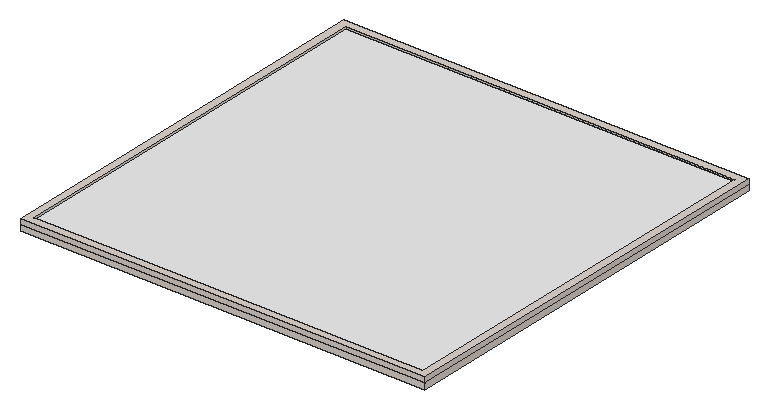
Revit family "SKY LED FLAT PANEL", category Lighting Fixtures, host Face, Revit 2020 (continued)
Types (13): name | Wattage | WATTS | built-in parameter 1150134 | Replaces/Equiv.(MH) | Photometric Web File | Order number | built-in parameter 1150142 | Model | built-in parameter 1150105 | Lumens | built-in parameter 1150107 | built-in parameter 1150106 | Fixture Width | Fixture Length | Default Elevation | Apparent Load
    8     1.77     1.86     1.96     \r\n 2.05     2.13     2.23     2.31     2.40     2.49     2.57     2.65     2.73     2.82     \r\n 2.91     2.99     3.08     3.15     3.23     3.30     3.38     3.44     3.50     3.55     \r\n 3.59     3.64     3.67     3.72     3.75     3.79     3.83     3.87     3.90     3.94     \r\n 3.98     4.01     4.04     4.08     4.11     4.15     4.18     4.22     4.26     4.30     \r\n 4.33     4.37     4.41     4.45     4.50     4.54     4.58     4.63     4.68     4.73     \r\n 4.78     4.83     4.88     4.93     4.99     5.04     5.09     5.14     5.17     5.20     \r\n 5.22     5.22     5.21     5.21     5.20     5.18     5.17     5.17     5.16     5.16     \r\n 5.15     5.14     5.14     5.14     5.13     5.13     5.12     5.12     5.13     5.13     \r\n 4.58     \r\n1778.35  1779.81  1778.37  1775.93  1774.71  1772.51  1770.07  1764.46  1759.11  1754.49  \r\n 1748.61  1743.02  1734.95  1728.61  1721.52  1711.55  1702.22  1692.26  1683.03  1670.79  \r\n 1660.34  1647.60  1635.18  1621.94  1607.37  1595.32  1579.06  1564.96  1548.30  1532.71  \r\n 1514.57  1499.02  1478.93  1461.44  1442.07  1422.88  1403.41  1382.07  1361.67  1341.30  \r\n 1319.93  1297.12  1275.74  1251.22  1228.33  1204.79  1180.49  1155.49  1131.17  1105.20  \r\n 1079.42  1053.86  1026.94  1000.64  973.21   945.23   917.79   890.30   861.58   833.42   \r\n 803.97   774.51   745.86   716.96   688.97   660.99   631.33   601.45   573.03   542.09   \r\n 513.05   483.33   454.32   425.02   396.15   367.62   339.57   311.24   283.72   256.54   \r\n 229.81   203.57   177.94   153.15   128.34   104.82   81.24    58.68    36.12    15.91    \r\n 3.44     1.41     1.49     1.59     1.70     1.80     1.90     2.00     2.10     2.20     \r\n 2.30     2.41     2.50     2.60     2.70     2.79     2.88     2.97     3.07     3.16     \r\n 3.26     3.34     3.43     3.51     3.60     3.68     3.75     3.83     3.90     3.95     \r\n 3.99     4.02     4.06     4.09     4.11     4.13     4.15     4.16     4.18     4.21     \r\n 4.23     4.25     4.28     4.29     4.31     4.33     4.35     4.37     4.39     4.41     \r\n 4.43     4.46     4.48     4.52     4.57     4.63     4.72     4.78     4.83     4.86     \r\n 4.90     4.93     4.97     5.01     5.05     5.10     5.14     5.19     5.25     5.30     \r\n 5.35     5.41     5.41     5.40     5.39     5.38     5.38     5.37     5.37     5.36     \r\n 5.36     5.35     5.35     5.34     5.34     5.33     5.33     5.33     5.32     5.32     \r\n 4.58     \r\n1778.35  1780.05  1777.36  1776.36  1774.41  1771.45  1768.51  1764.08  1760.17  1754.49  \r\n 1748.85  1741.28  1735.35  1728.27  1720.85  1711.33  1701.21  1691.91  1682.02  1670.31  \r\n 1660.30  1647.47  1635.99  1622.66  1608.46  1594.88  1580.71  1566.51  1550.46  1535.25  \r\n 1517.40  1501.21  1484.57  1465.33  1446.55  1427.55  1407.57  1388.37  1366.65  1345.74  \r\n 1324.74  1302.92  1281.51  1257.60  1235.79  1211.41  1187.26  1162.24  1137.82  1112.63  \r\n 1086.97  1060.79  1034.95  1008.63  981.11   953.32   925.86   898.31   870.11   841.91   \r\n 813.23   784.79   755.41   726.00   696.73   667.78   637.20   608.03   578.52   548.98   \r\n 519.09   489.53   460.15   431.06   401.90   373.46   345.10   316.44   289.16   261.20   \r\n 234.73   208.19   182.55   157.52   132.50   108.93   84.78    62.00    38.65    18.34    \r\n 4.51     1.43     1.51     1.60     1.70     1.81     1.91     2.01     2.10     2.20     \r\n 2.30     2.41     2.50     2.60     2.69     2.78     2.87     2.96     3.05     3.15     \r\n 3.24     3.33     3.41     3.50     3.58     3.66     3.73     3.80     3.86     3.91     \r\n 3.94     3.98     4.02     4.05     4.09     4.12     4.16     4.19     4.22     4.25     \r\n 4.28     4.30     4.33     4.36     4.38     4.41     4.43     4.46     4.48     4.51     \r\n 4.53     4.56     4.59     4.63     4.69     4.76     4.86     4.94     4.98     5.03     \r\n 5.08     5.13     5.18     5.23     5.28     5.33     5.39     5.43     5.46     5.49     \r\n 5.49     5.49     5.48     5.47     5.46     5.45     5.43     5.41     5.40     5.38     \r\n 5.37     5.36     5.35     5.34     5.32     5.30     5.29     5.28     5.27     5.25     \r\n 4.58     \r\n1778.35  1778.83  1776.64  1775.40  1773.20  1769.50  1766.55  1761.87  1758.18  1752.07  \r\n 1746.37  1740.01  1733.08  1725.22  1717.32  1709.46  1699.33  1689.29  1680.22  1668.61  \r\n 1658.07  1645.71  1632.70  1620.56  1606.85  1593.23  1579.02  1564.09  1547.52  1531.55  \r\n 1515.21  1497.82  1480.49  1463.10  1444.54  1425.44  1407.01  1386.48  1366.40  1346.34  \r\n 1324.06  1302.51  1280.22  1257.94  1235.34  1212.08  1187.82  1163.82  1138.58  1114.57  \r\n 1088.83  1063.29  1036.14  1010.83  983.17   955.93   927.52   900.03   872.28   843.88   \r\n 814.42   785.20   756.05   725.69   697.50   669.33   640.09   610.14   580.31   549.96   \r\n 520.13   490.07   460.73   430.80   401.96   372.71   344.23   315.22   287.43   260.01   \r\n 232.65   205.97   179.95   154.92   129.70   105.82   81.84    59.05    36.27    16.06    \r\n 3.74     1.48     1.55     1.65     1.75     1.84     1.94     2.04     2.13     2.23     \r\n 2.33     2.43     2.53     2.62     2.72     2.81     2.90     2.99     3.08     3.17     \r\n 3.26     3.34     3.42     3.50     3.58     3.65     3.72     3.77     3.82     3.87     \r\n 3.92     3.96     4.00     4.05     4.08     4.12     4.15     4.19     4.23     4.26     \r\n 4.29     4.32     4.35     4.38     4.41     4.44     4.47     4.50     4.53     4.56     \r\n 4.59     4.62     4.65     4.71     4.77     4.85     4.96     5.03     5.08     5.13     \r\n 5.18     5.23     5.28     5.31     5.33     5.35     5.37     5.38     5.39     5.39     \r\n 5.38     5.37     5.36     5.35     5.34     5.34     5.33     5.32     5.31     5.30     \r\n 5.29     5.27     5.26     5.25     5.24     5.22     5.21     5.19     5.18     5.16     \r\n 4.58     \r\n1778.35  1777.13  1777.62  1774.16  1771.46  1769.22  1765.79  1761.82  1756.92  1751.22  \r\n 1745.56  1738.95  1732.75  1725.15  1717.46  1708.15  1700.94  1689.88  1680.21  1669.44  \r\n 1660.37  1648.72  1636.47  1623.34  1611.55  1600.12  1585.00  1569.89  1556.01  1541.04  \r\n 1525.11  1509.37  1491.01  1475.41  1456.75  1438.06  1419.76  1401.91  1380.64  1361.08  \r\n 1340.56  1319.28  1297.52  1274.11  1252.20  1228.56  1204.72  1181.09  1155.74  1130.89  \r\n 1104.32  1078.13  1050.97  1024.43  996.54   969.28   941.21   912.56   883.58   854.36   \r\n 824.63   795.43   766.10   735.70   706.32   675.78   645.13   615.19   585.37   554.51   \r\n 524.45   494.35   464.03   435.10   405.00   376.45   347.37   317.92   290.33   262.10   \r\n 235.05   208.59   182.13   156.78   131.43   107.51   83.50    60.85    37.95    17.79    \r\n 4.58     1.50     1.64     1.75     1.84     1.94     2.04     2.12     2.20     2.28     \r\n 2.36     2.45     2.54     2.64     2.73     2.82     2.91     3.00     3.09     3.18     \r\n 3.27     3.35     3.43     3.51     3.58     3.66     3.72     3.78     3.83     3.89     \r\n 3.93     3.98     4.03     4.07     4.10     4.14     4.18     4.21     4.25     4.28     \r\n 4.31     4.34     4.38     4.41     4.43     4.46     4.49     4.52     4.55     4.58     \r\n 4.60     4.64     4.67     4.72     4.78     4.86     4.95     5.01     5.03     5.05     \r\n 5.07     5.09     5.10     5.11     5.12     5.13     5.13     5.13     5.12     5.11     \r\n 5.10     5.09     5.08     5.08     5.07     5.06     5.06     5.05     5.04     5.04     \r\n 5.03     5.02     5.01     5.00     4.98     4.96     4.95     4.93     4.91     4.89     \r\n 4.58     \r\n1778.35  1777.37  1775.42  1773.69  1770.52  1767.30  1763.63  1758.95  1755.76  1750.39  \r\n 1743.24  1737.85  1731.68  1723.60  1715.71  1708.11  1699.46  1690.66  1681.37  1670.27  \r\n 1660.24  1648.88  1637.85  1625.25  1613.02  1600.17  1587.21  1573.28  1557.97  1544.72  \r\n 1527.94  1512.29  1495.98  1479.35  1462.05  1445.18  1425.10  1407.28  1386.75  1365.74  \r\n 1344.96  1323.46  1299.50  1276.26  1253.46  1229.01  1203.81  1177.89  1153.16  1127.73  \r\n 1099.82  1073.82  1046.71  1019.25  990.89   963.93   934.85   906.16   877.72   848.64   \r\n 818.24   788.32   758.98   728.67   699.94   671.24   641.05   610.72   580.53   549.80   \r\n 520.40   489.13   459.51   429.47   399.78   370.78   341.65   313.00   284.49   256.76   \r\n 229.29   202.35   176.16   150.61   125.45   101.53   77.65    55.66    34.14    14.66    \r\n 3.63     1.59     1.72     1.83     1.92     1.99     2.08     2.17     2.27     2.35     \r\n 2.43     2.51     2.60     2.69     2.77     2.86     2.96     3.05     3.13     3.22     \r\n 3.30     3.39     3.48     3.55     3.62     3.68     3.74     3.80     3.85     3.90     \r\n 3.95     4.00     4.04     4.09     4.13     4.17     4.20     4.24     4.27     4.30     \r\n 4.33     4.37     4.39     4.42     4.45     4.48     4.50     4.53     4.56     4.58     \r\n 4.61     4.64     4.68     4.72     4.77     4.82     4.86     4.89     4.92     4.94     \r\n 4.97     4.98     4.99     5.01     5.01     5.01     5.02     5.01     5.01     5.00     \r\n 4.98     4.98     4.96     4.95     4.94     4.92     4.90     4.89     4.87     4.86     \r\n 4.85     4.84     4.82     4.81     4.80     4.78     4.76     4.75     4.73     4.72     \r\n 4.58     \r\n1778.35  1776.89  1775.67  1773.21  1771.02  1767.57  1764.16  1760.94  1755.34  1749.93  \r\n 1745.05  1740.91  1733.53  1727.93  1718.58  1711.03  1704.12  1695.09  1687.19  1676.48  \r\n 1667.71  1656.15  1646.16  1635.08  1622.62  1611.29  1598.86  1585.56  1571.53  1557.50  \r\n 1540.99  1526.78  1509.93  1492.47  1474.49  1455.96  1436.77  1416.85  1395.93  1374.08  \r\n 1352.67  1329.99  1307.41  1283.49  1260.04  1234.78  1211.09  1186.27  1159.68  1134.34  \r\n 1108.29  1082.18  1053.58  1026.51  998.56   971.40   942.52   913.46   884.15   855.48   \r\n 825.46   795.88   766.12   736.11   705.95   675.50   644.85   614.13   584.52   553.59   \r\n 522.94   492.73   462.33   433.02   402.28   373.40   344.57   315.03   286.82   258.38   \r\n 230.94   204.11   177.68   152.15   126.63   102.78   78.86    56.57    34.87    15.99    \r\n 4.10     1.57     1.70     1.81     1.92     2.01     2.10     2.18     2.27     2.36     \r\n 2.46     2.55     2.63     2.72     2.81     2.89     2.98     3.07     3.16     3.24     \r\n 3.32     3.40     3.47     3.53     3.60     3.66     3.72     3.77     3.83     3.88     \r\n 3.92     3.97     4.01     4.05     4.08     4.13     4.16     4.19     4.21     4.24     \r\n 4.27     4.30     4.32     4.35     4.38     4.41     4.45     4.48     4.52     4.56     \r\n 4.59     4.63     4.66     4.71     4.76     4.79     4.80     4.81     4.82     4.83     \r\n 4.84     4.82     4.81     4.81     4.80     4.79     4.78     4.77     4.75     4.74     \r\n 4.74     4.72     4.72     4.71     4.71     4.70     4.69     4.69     4.68     4.68     \r\n 4.67     4.67     4.65     4.65     4.64     4.63     4.62     4.61     4.61     4.60     \r\n 4.58     \r\n1778.35  1777.84  1776.39  1773.95  1770.80  1767.86  1763.97  1760.05  1756.65  1750.84  \r\n 1746.17  1741.80  1733.75  1727.90  1721.30  1713.77  1705.43  1698.40  1690.16  1679.40  \r\n 1670.17  1661.09  1650.16  1638.64  1626.75  1614.01  1603.09  1589.04  1574.82  1559.99  \r\n 1544.06  1527.32  1508.70  1492.20  1471.63  1453.43  1432.54  1411.69  1392.76  1369.75  \r\n 1348.64  1325.60  1303.28  1279.75  1255.43  1230.45  1205.92  1180.70  1154.47  1129.48  \r\n 1102.76  1076.25  1049.59  1020.90  992.76   965.52   935.46   907.72   878.30   848.95   \r\n 818.79   789.11   759.28   728.96   699.97   670.99   641.03   610.10   579.91   548.26   \r\n 518.49   487.50   457.43   427.36   397.29   367.91   338.67   309.48   280.87   252.96   \r\n 225.23   198.32   171.83   146.48   121.23   97.44    73.91    52.24    31.03    13.15    \r\n 3.02     1.60     1.70     1.82     1.93     2.02     2.12     2.21     2.29     2.39     \r\n 2.48     2.59     2.68     2.77     2.86     2.95     3.03     3.12     3.19     3.27     \r\n 3.33     3.40     3.47     3.53     3.60     3.65     3.71     3.76     3.80     3.85     \r\n 3.89     3.93     3.97     4.01     4.05     4.08     4.11     4.14     4.17     4.20     \r\n 4.23     4.26     4.28     4.31     4.34     4.36     4.39     4.41     4.43     4.46     \r\n 4.49     4.52     4.54     4.56     4.57     4.58     4.58     4.59     4.59     4.60     \r\n 4.60     4.60     4.60     4.59     4.58     4.56     4.55     4.54     4.53     4.52     \r\n 4.51     4.51     4.49     4.49     4.48     4.49     4.48     4.48     4.49     4.48     \r\n 4.49     4.49     4.50     4.51     4.52     4.51     4.52     4.52     4.52     4.52     \r\n 4.58     \r\n1778.35  1776.91  1775.94  1773.49  1769.63  1766.95  1763.81  1760.63  1756.53  1751.66  \r\n 1747.54  1741.75  1735.41  1730.11  1723.27  1715.80  1708.24  1701.70  1692.92  1683.99  \r\n 1673.62  1663.38  1654.21  1643.71  1630.41  1618.93  1605.43  1591.76  1577.53  1561.97  \r\n 1546.42  1531.50  1514.14  1495.05  1475.39  1457.64  1437.41  1416.63  1396.01  1373.02  \r\n 1351.50  1329.32  1306.12  1281.56  1259.59  1235.12  1210.15  1184.27  1158.15  1132.66  \r\n 1106.51  1080.17  1052.51  1025.46  997.15   968.46   939.68   911.28   881.75   852.61   \r\n 822.40   793.15   762.20   732.52   701.31   670.75   640.55   609.84   579.63   548.81   \r\n 517.89   487.31   456.90   427.16   396.77   367.82   338.87   309.45   281.38   252.66   \r\n 225.74   198.67   172.54   147.13   121.72   98.40    74.94    53.35    31.65    14.05    \r\n 3.09     1.56     1.67     1.78     1.89     2.00     2.10     2.19     2.29     2.38     \r\n 2.48     2.58     2.68     2.77     2.85     2.94     3.01     3.09     3.16     3.24     \r\n 3.30     3.36     3.43     3.49     3.54     3.60     3.65     3.69     3.74     3.79     \r\n 3.83     3.86     3.90     3.93     3.96     3.99     4.01     4.04     4.07     4.09     \r\n 4.11     4.14     4.16     4.18     4.20     4.22     4.24     4.26     4.28     4.29     \r\n 4.31     4.34     4.35     4.36     4.38     4.39     4.41     4.42     4.41     4.40     \r\n 4.38     4.36     4.34     4.32     4.31     4.31     4.30     4.29     4.28     4.28     \r\n 4.27     4.27     4.27     4.28     4.29     4.29     4.30     4.31     4.32     4.33     \r\n 4.35     4.36     4.38     4.39     4.40     4.41     4.43     4.44     4.45     4.46     \r\n 4.58     \r\n1778.35  1776.44  1774.51  1773.53  1770.42  1768.22  1765.58  1761.23  1757.85  1752.58  \r\n 1748.20  1742.92  1737.09  1732.27  1725.74  1718.28  1710.99  1703.55  1694.91  1686.16  \r\n 1677.51  1666.13  1654.57  1645.08  1630.68  1620.20  1607.23  1592.12  1576.10  1560.91  \r\n 1545.61  1526.89  1510.59  1491.62  1471.96  1452.50  1431.79  1410.90  1390.00  1367.91  \r\n 1347.01  1323.47  1300.41  1276.61  1251.80  1226.58  1201.32  1175.86  1149.15  1123.44  \r\n 1096.01  1068.55  1040.70  1013.48  985.61   956.48   927.65   898.99   869.85   841.02   \r\n 810.91   780.55   750.77   720.26   691.61   662.97   631.92   601.19   571.69   540.18   \r\n 510.54   479.64   449.57   419.71   389.77   360.51   331.68   302.64   274.55   246.49   \r\n 219.34   192.43   166.43   141.30   116.47   93.18    71.34    49.52    28.65    10.77    \r\n 2.10     1.54     1.65     1.76     1.87     1.98     2.08     2.19     2.29     2.39     \r\n 2.49     2.59     2.68     2.77     2.86     2.94     3.02     3.09     3.15     3.23     \r\n 3.29     3.35     3.41     3.46     3.52     3.57     3.62     3.66     3.71     3.75     \r\n 3.78     3.81     3.85     3.88     3.90     3.93     3.95     3.98     3.99     4.01     \r\n 4.03     4.04     4.06     4.07     4.08     4.09     4.11     4.12     4.13     4.14     \r\n 4.16     4.17     4.19     4.20     4.21     4.21     4.20     4.18     4.17     4.16     \r\n 4.15     4.14     4.14     4.13     4.13     4.13     4.13     4.13     4.13     4.13     \r\n 4.14     4.15     4.16     4.18     4.20     4.22     4.25     4.27     4.30     4.32     \r\n 4.35     4.37     4.39     4.41     4.43     4.45     4.47     4.49     4.50     4.52     \r\n 4.58     \r\n1778.35  1776.91  1773.32  1772.34  1770.19 
     1768.25  1764.90  1761.75  1757.21  1753.10  \r\n 1748.54  1744.00  1738.45  1733.43  1725.71  1719.97  1712.95  1704.56  1696.34  1687.25  \r\n 1677.69  1667.30  1657.26  1645.18  1632.95  1621.09  1606.27  1593.67  1576.71  1563.08  \r\n 1545.98  1528.87  1510.33  1492.04  1472.22  1454.45  1432.88  1412.81  1390.46  1367.94  \r\n 1345.81  1322.72  1299.36  1274.46  1250.87  1224.78  1199.59  1174.42  1148.71  1122.27  \r\n 1095.89  1069.24  1040.46  1013.70  985.11   957.52   928.75   900.35   870.62   841.82   \r\n 811.67   781.59   751.78   722.55   691.62   661.34   631.36   601.22   570.50   540.22   \r\n 510.20   478.91   449.66   419.60   390.02   360.92   332.44   303.21   275.41   247.11   \r\n 220.02   193.69   167.75   142.80   117.85   94.96    72.05    51.02    30.26    11.69    \r\n 1.92     1.49     1.60     1.71     1.82     1.93     2.04     2.14     2.24     2.34     \r\n 2.44     2.54     2.63     2.73     2.82     2.90     2.99     3.06     3.13     3.20     \r\n 3.26     3.33     3.38     3.44     3.49     3.54     3.58     3.63     3.67     3.71     \r\n 3.74     3.77     3.80     3.82     3.85     3.87     3.89     3.90     3.92     3.94     \r\n 3.95     3.96     3.97     3.98     3.98     3.99     3.99     4.00     4.01     4.01     \r\n 4.02     4.04     4.05     4.05     4.04     4.04     4.04     4.04     4.04     4.04     \r\n 4.04     4.04     4.04     4.04     4.04     4.05     4.06     4.07     4.08     4.10     \r\n 4.11     4.13     4.15     4.18     4.20     4.23     4.25     4.29     4.31     4.34     \r\n 4.36     4.38     4.41     4.43     4.46     4.48     4.51     4.53     4.55     4.56     \r\n 4.58     \r\n" | "SFLP24D4835" | 404.25 (stored number, unit not read) | 5080 lm | 3500 (stored number, unit not read) | 4.0425 (stored number, unit not read) | 23.74" | 47.80" | 0.00" | 60 VA
  SFLP24D4840 | 34.1991 W | 48 W | 12 | "3x32W FL and 4x32W FL" | "generic" | "14225K" | (empty or 0) | "SFLP24D4840" | 404.25 (stored number, unit not read) | 5080 lm | 4000 (stored number, unit not read) | 4.0425 (stored number, unit not read) | 23.74" | 47.80" | 0.00" | 60 VA
